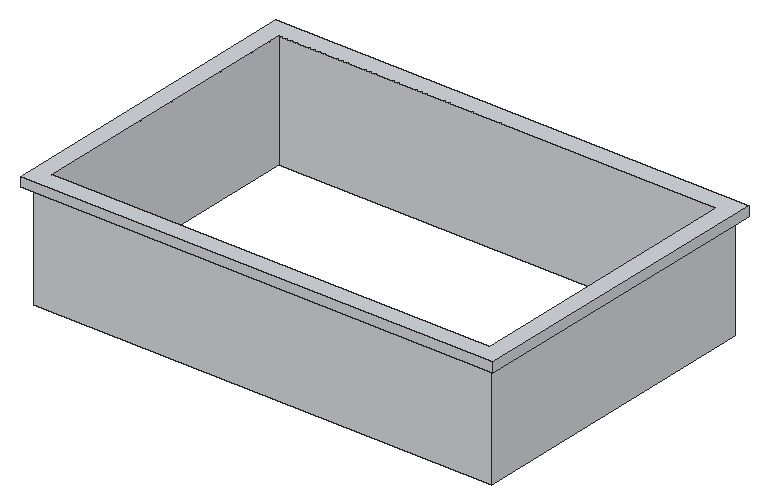
Revit family "MI-O-BO", category Plumbing Fixtures, Revit 2018
Family settings
  Round Connector Dimension = Use Diameter
  Part Type = Normal
  Work Plane-Based = No
  Always vertical = Yes
  Cut with Voids When Loaded = No
  Shared = No
  Room Calculation Point = No
Parameters (values of type "MI-O-C")
  URL = "WWW.MIFAB.COM"
  Model = "MI-O-C"
  Manufacturer = "MIFAB"
  E- Height = 6.000"
  Description = "10 to 500 US G.P.M. OIL INTERCEPTOR"
  B- Width = 15.750"
  A-Length = 23.750"
Types (18): name | Model | B- Width | A-Length
  (no name) | "MI-O-C" | 15.750" | 23.750"
  MI-O-1 | "MI-O-1" | 22.000" | 28.000"
  MI-O-2 | "MI-O-2" | 24.000" | 34.000"
  MI-O-3 | "MI-O-3" | 24.000" | 34.000"
  MI-O-4 | "MI-O-4" | 34.000" | 48.000"
  MI-O-5 | "MI-O-5" | 36.000" | 51.000"
  MI-O-6 | "MI-O-6" | 36.000" | 53.000"
  MI-O-7 | "MI-O-7" | 36.000" | 58.000"
  MI-O-8 | "MI-O-8" | 38.000" | 68.000"
  MI-O-9 | "MI-O-9" | 40.000" | 74.000"
  MI-O-10 | "MI-O-10" | 44.000" | 78.000"
  MI-O-11 | "MI-O-11" | 46.000" | 80.000"
  MI-O-12 | "MI-O-12" | 48.000" | 82.000"
  MI-O-13 | "MI-O-13" | 50.000" | 84.000"
  MI-O-14 | "MI-O-14" | 52.000" | 86.000"
  MI-O-A | "MI-O-A" | 15.750" | 21.250"
  MI-O-B | "MI-O-B" | 15.750" | 23.750"
  MI-O-C | "MI-O-C" | 15.750" | 23.750"
Reference planes (in)
  plane 1 "Center (Front/Back)": y = 0
  plane 2: z = 0
  plane 3 "Center (Left/Right)": x = 0
  plane 4: x = -11.875
  plane 5: x = 11.875
  plane 6: y = 7.875
  plane 7: y = -7.875
  plane 8: z = 6
  plane 9: x = -11.375
  plane 10: x = 11.375
  plane 11: y = -7.375
  plane 12: y = 7.375
  plane 13: z = 5.01575
  plane 14: z = 0.3937
Forms (in)
  Extrusion 1, solid
    sketch origin (0, 0, 0) x (1, 0, 0) y (0, 1, 0)
      loop
        line (-11.875, 7.875) -> (-11.875, -7.875) -> (11.875, -7.875) -> (11.875, 7.875) -> (-11.875, 7.875)
      loop
        line (-11.375, 7.375) -> (-11.375, -7.375) -> (11.375, -7.375) -> (11.375, 7.375) -> (-11.375, 7.375)
    from 0 to 6
  Sweep 2, solid
    path in 3D
      loop
        line (11.875, 7.875, 6) -> (-11.875, 7.875, 6) -> (-11.875, -7.875, 6) -> (11.875, -7.875, 6) -> (11.875, 7.875, 6)
    profile origin (11.875, 0, 6) x (-1, 0, 0) y (0, 0, 1)
      loop
        line (0, 0) -> (-0.3937, 0) -> (-0.3937, -0.5) -> (0, -0.5) -> (0, 0)
Cuts and joins
  joined: Extrusion 1, Sweep 2
Lines and regions (in)
  sketch lines
    curve 1: line (11.875, -7.875, 6) -> (11.875, 7.875, 6)
    curve 2: line (11.875, 7.875, 6) -> (-11.875, 7.875, 6)
    curve 3: line (-11.875, 7.875, 6) -> (-11.875, -7.875, 6)
    curve 4: line (-11.875, -7.875, 6) -> (11.875, -7.875, 6)
Dimensions and locks (in)
  equal spacing: plane 4, plane 3 "Center (Left/Right)", plane 5
  "A-Length": plane 4 to plane 5
  equal spacing: plane 7, plane 1 "Center (Front/Back)", plane 6
  "B- Width": plane 7 to plane 6
  "E- Height": plane 8 to plane 2
  locked: plane 7 to plane 11 at 0.5
  locked: plane 6 to plane 12 at 0.5
  locked: plane 4 to plane 9 at 0.5
  locked: plane 10 to plane 5 at 0.5
  plane 8 to Sweep 2 sketch curve = 0.500"
  locked: plane 5 to Sweep 2 sketch curve at 0.3937
  locked: plane 8 to plane 13 at 0.98425
  locked: plane 14 to plane 2 at 0.3937
  aligned and locked: level to plane 2
  aligned and locked: Extrusion 1 sketch curve to plane 4
  aligned and locked: Extrusion 1 sketch curve to plane 6
  aligned and locked: plane 5 to Extrusion 1 sketch curve
  aligned and locked: plane 7 to Extrusion 1 sketch curve
  aligned and locked: Extrusion 1 sketch curve to plane 9
  aligned and locked: Extrusion 1 sketch curve to plane 10
  aligned and locked: Extrusion 1 sketch curve to plane 12
  aligned and locked: Extrusion 1 sketch curve to plane 11
  aligned and locked: plane 8 to Extrusion 1
  aligned and locked: Extrusion 1 to level
Automatic sketch dimensions
  Sweep 2 sketch curve to profile plane = 0.000"  (x2)
